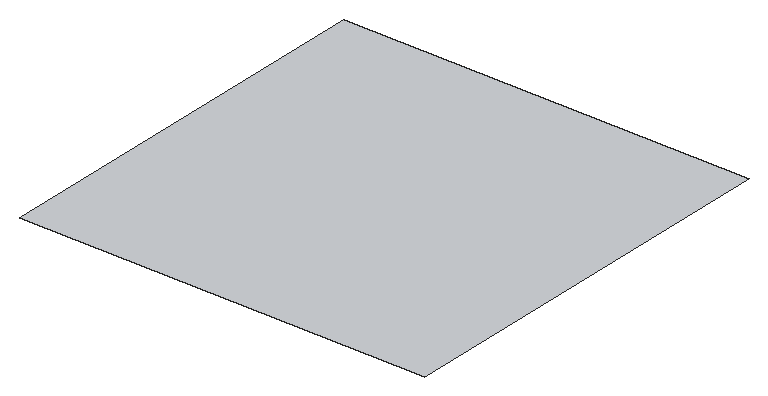
Revit family "3dff2f6e42074ab58f38fb37e44577ee", category Air Terminals, host Face, Revit 2021
Family settings
  Host = Face
  Round Connector Dimension = Use Diameter
  Part Type = Normal
  OmniClass Number = 23.75.70.21.27.11
  OmniClass Title = Diffusers, Registers, and Grilles
  Seek Item ID = Supply Diffuser - Square - Hosted-0000-USA-ENU
  Cut with Voids When Loaded = No
  Shared = No
  Room Calculation Point = No
Parameters (values of type "12" x 12"")
  Flow [instance] = 175 CFM
  Pressure Drop [instance] = 0.05 in-wg
  Duct Height [instance] = Duct Width  # 6"
  Diffuser Width = 1' - 0"
  Duct Width [instance] = 6"
  NC = "15"
  Half Duct Width [instance] = Duct Width / 2  # 3"
  Diffuser Height = Diffuser Width  # 1' - 0"
  Default Elevation = 4' - 0"
Types (11): name | Diffuser Width | Diffuser Height
  (no name) | 1' - 0" | 1' - 0"
  10" x 10" | 0' - 10" | 0' - 10"
  12" x 12" | 1' - 0" | 1' - 0"
  14" x 14" | 1' - 2" | 1' - 2"
  16" x 16" | 1' - 4" | 1' - 4"
  18" x 18" | 1' - 6" | 1' - 6"
  20" x 20" | 1' - 8" | 1' - 8"
  22" x 22" | 1' - 10" | 1' - 10"
  24" x 24" | 2' - 0" | 2' - 0"
  6" x 6" | 0' - 6" | 0' - 6"
  8" x 8" | 0' - 8" | 0' - 8"
Reference planes (in)
  plane 1 "Center (Front/Back)": y = 0
  plane 2: z = 0
  plane 3 "Center (Left/Right)": x = 0
  plane 4: x = 3
  plane 5: x = -3
  plane 6: y = 3
  plane 7: y = -3
  plane 8: x = 6
  plane 9: x = -6
  plane 10: y = 6
  plane 11: y = -6
  plane 12: z = -1.3125
  plane 13: z = -0.64583
Forms (in)
  Extrusion 1, solid
    sketch origin (0, 0, 0) x (1, 0, 0) y (0, 1, 0)
      loop
        line (-3, 3) -> (-3, -3) -> (3, -3) -> (3, 3) -> (-3, 3)
    from -1.3125 to -0.64583
  Blend 2, solid
    base sketch origin (0, 0, 0) x (1, 0, 0) y (0, 1, 0)
      loop
        line (-6, 6) -> (-6, -6) -> (6, -6) -> (6, 6) -> (-6, 6)
    top sketch origin (0, 0, 0) x (1, 0, 0) y (0, 1, 0)
      loop
        line (-3, 3) -> (-3, -3) -> (3, -3) -> (3, 3) -> (-3, 3)
    from 0 to -0.64583
Lines and regions (in)
  symbolic lines
    curve 1: line (-6, 6, 0) -> (6, -6, 0)
    curve 2: line (6, 6, 0) -> (-6, -6, 0)
  symbolic lines, detail levels fine
    curve 3: line (-6, 6, 0) -> (6, 6, 0)
    curve 4: line (-6, -6, 0) -> (-6, 6, 0)
    curve 5: line (6, -6, 0) -> (-6, -6, 0)
    curve 6: line (6, 6, 0) -> (6, -6, 0)
Dimensions and locks (in)
  "Duct Width": plane 5 to plane 4
  equal spacing: plane 7, plane 1 "Center (Front/Back)", plane 6
  "Duct Width": plane 7 to plane 6
  equal spacing: plane 9, plane 3 "Center (Left/Right)", plane 8
  "Diffuser Width": plane 9 to plane 8
  equal spacing: plane 11, plane 1 "Center (Front/Back)", plane 10
  "Diffuser Width": plane 11 to plane 10
  locked: plane 12 to plane 2 at 1.3125
  locked: plane 13 to plane 12 at 0.66667
  "Half Duct Width": plane 5 to plane 3 "Center (Left/Right)"
  "Half Duct Width": plane 3 "Center (Left/Right)" to plane 4
  aligned and locked: plane 2 to host face
  aligned and locked: level to host face
  aligned and locked: plane 5 to Extrusion 1 sketch curve
  aligned and locked: plane 6 to Extrusion 1 sketch curve
  aligned and locked: plane 7 to Extrusion 1 sketch curve
  aligned and locked: Extrusion 1 sketch curve to plane 4
  aligned and locked: Extrusion 1 to plane 13
  aligned and locked: Extrusion 1 to plane 12
  aligned and locked: plane 10 to Blend 2 sketch curve
  aligned and locked: Blend 2 sketch curve to plane 9
  aligned and locked: plane 11 to Blend 2 sketch curve
  aligned and locked: Blend 2 sketch curve to plane 8
  aligned and locked: plane 6 to Blend 2 sketch curve
  aligned and locked: Blend 2 sketch curve to plane 5
  aligned and locked: plane 7 to Blend 2 sketch curve
  aligned and locked: Blend 2 sketch curve to plane 4
  aligned and locked: Blend 2 to plane 2
  aligned and locked: Blend 2 to plane 13
  aligned and locked: curve 6 to plane 8
  aligned and locked: plane 9 to curve 5
  aligned and locked: plane 8 to curve 5
  aligned and locked: plane 11 to curve 6
  aligned and locked: plane 11 to curve 4
  aligned and locked: plane 10 to curve 4
  aligned and locked: plane 10 to curve 6
  aligned and locked: plane 9 to curve 3
Automatic sketch dimensions
  host sketch curve to host sketch curve = 8' - 0"  (x2)
Connectors (in)
  hvac at (0, 0, -1.3125), driven by "Pressure Drop", driven by "Flow", driven by "Duct Width", driven by "Duct Width"
    settings: on Extrusion 1, index 1, duct flow 175 CFM, flow factor 0, pres drop 0.05 in-wg, loss coef 0, conn angle 0.00°, conn width 6", conn height 6", conn diameter 24", duct sys type 1, conn prof type 1, flow config 1, flow direction 1, loss method 4, conn ref index -1, conn util no, is conn primary yes, conn desc ""
